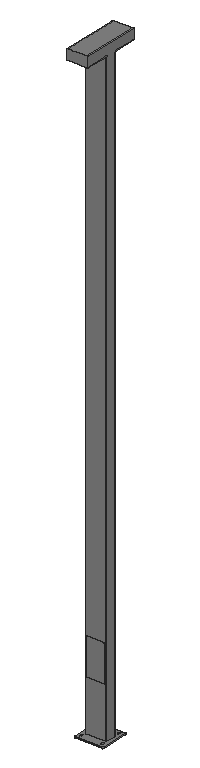
Revit family "Супремус В", category Осветительные приборы, Revit 2019 (continued)
Types (7, lengths in mm): name | Файл фотометрической сетки | built-in parameter 1150105 | Lumens | built-in parameter 1150106 | built-in parameter 1150142 | Wattage | L_общая рассеиватели | ADSK_Фактическая мощность | ADSK_Размер_Высота | ADSK_Номинальная мощность | ADSK_Наименование | ADSK_Масса_Текст | ADSK_Масса | ADSK_Артикул | 2
    2 160.9 159.6\r\n 158.4 156.9 155.3 153.8 152.3 150.8 149.5 148.4 147.2 146.2 145.2 144.2 143.1 142.3 141.4 140.4 139.4 138.2 136.9 135.7 134.5\r\n 133.3 132.3 131.3 130.2 129.1 127.8 126.6 125.4 124.3 123.1 122.1 121.3 120.5 119.4 118.6 117.4 116.3 115.5 114.8 113.8 112.6\r\n 111.3 110.4 109.6 108.6 107.7 106.9 106.0 105.5 104.9 104.6 104.3 104.1 104.1 104.0 103.9 103.6 103.2 102.8 102.5 102.1 101.8\r\n 101.6 100.7 99.9 99.2 98.5 97.9 97.3 96.6 96.0 95.2 94.2 93.2 92.3 91.4 90.5 89.5 88.4 87.4 86.4 84.6 82.3 79.4 76.2 72.5 68.8\r\n 63.9 58.9 53.9 49.1 44.6 41.1 38.1 35.7 33.9 32.4 30.9 29.7 28.7 27.8 26.9 26.0 25.2 24.5 23.5 22.0 20.6 19.1 17.6 16.3 14.8 13.4\r\n 11.8 10.0 8.4 7.0 6.0 5.3 4.6 3.9 3.4 3.0 2.8 2.8 2.7 2.4 2.4 2.3 2.1 1.9 1.6 1.4 1.3 1.2 1.2 1.2 0.0 0.0 0.0 0.0 0.0 0.0 0.0 0.0\r\n 0.0 0.0 0.0 0.0 0.0 0.0 0.0 0.0 0.0 0.0 0.0 0.0 0.0 0.0 0.0 0.0 0.0 0.0 0.0 0.0 0.0 0.0 0.0 0.0 0.0 0.0 0.0 0.0 0.0 0.0 0.0 0.0\r\n 0.0 0.0 0.0 0.0 0.0 0.0 0.0 0.0 0.0 0.0 0.0 0.0 0.0 0.0 0.0 0.0 0.0 0.0 0.0 0.0 0.0 0.0 0.0 0.0 0.0 0.0 0.0 0.0 0.0 0.0 0.0 0.0\r\n 0.0 0.0 0.0 0.0 0.0 0.0 0.0 0.0 0.0 0.0 0.0 0.0 0.0 0.0 0.0 0.0 0.0 0.0 0.0 0.0 0.0 0.0 0.0 0.0 0.0 0.0 0.0 0.0 0.0 0.0 0.0 0.0\r\n 0.0 0.0 0.0 0.0 0.0 0.0 0.0 0.0 0.0 0.0 0.0 0.0 0.0 0.0 0.0 0.0 0.0 0.0 0.0 0.0 0.0 0.0 0.0 0.0 0.0 0.0 0.0 0.0 0.0 0.0 0.0 0.0\r\n 0.0 0.0 0.0 0.0 0.0 0.0 0.0 0.0 0.0 0.0 0.0 0.0 0.0 0.0 0.0 0.0 0.0 0.0 0.0 0.0 0.0 0.0 0.0 0.0\r\n275.6 274.0 272.2 270.5 268.9 267.2 265.4 263.7 261.8 260.0 257.9 255.9 254.1 252.2 250.0 247.8 245.6 243.1 240.5 237.7 234.8\r\n 231.6 228.5 225.4 222.5 219.7 217.2 214.8 212.3 210.3 208.3 206.2 204.1 201.7 199.5 197.4 195.0 192.7 190.5 188.3 186.2 184.1\r\n 181.8 179.4 177.1 174.8 172.1 169.7 167.3 164.9 162.4 160.0 157.8 155.6 153.5 151.8 150.0 148.4 146.5 144.7 143.3 141.6 140.0\r\n 138.4 136.7 134.7 132.9 131.1 129.7 128.3 127.2 125.6 124.2 122.7 121.5 120.2 118.8 117.5 116.2 115.0 113.5 112.2 110.6 108.9\r\n 107.3 105.5 103.8 102.1 100.6 99.2 97.7 96.1 94.7 93.1 91.6 89.9 88.3 87.0 85.6 84.3 83.2 82.1 80.8 79.4 78.3 77.4 76.8 75.8 74.8\r\n 74.2 73.8 73.5 72.9 72.6 72.2 71.6 70.9 70.4 69.9 69.8 69.9 70.2 70.1 69.4 69.0 68.4 68.1 67.7 67.3 66.9 66.5 66.0 65.5 65.0 64.8\r\n 64.6 64.6 64.6 64.6 64.6 64.8 65.4 65.5 65.2 66.0 67.4 69.0 70.6 71.6 72.0 71.5 70.5 68.3 66.3 63.0 59.2 54.6 50.4 46.8 43.3 40.0\r\n 37.1 34.8 33.0 31.2 29.6 28.3 27.0 25.3 23.2 21.0 19.2 17.4 15.9 14.6 13.4 11.7 9.8 8.5 7.4 6.7 6.1 5.4 4.8 4.5 4.1 4.1 4.3 3.7\r\n 3.3 2.8 2.6 2.4 2.3 2.1 2.0 1.7 1.5 1.3 1.2 1.2 0.0 0.0 0.0 0.0 0.0 0.0 0.0 0.0 0.0 0.0 0.0 0.0 0.0 0.0 0.0 0.0 0.0 0.0 0.0 0.0\r\n 0.0 0.0 0.0 0.0 0.0 0.0 0.0 0.0 0.0 0.0 0.0 0.0 0.0 0.0 0.0 0.0 0.0 0.0 0.0 0.0 0.0 0.0 0.0 0.0 0.0 0.0 0.0 0.0 0.0 0.0 0.0 0.0\r\n 0.0 0.0 0.0 0.0 0.0 0.0 0.0 0.0 0.0 0.0 0.0 0.0 0.0 0.0 0.0 0.0 0.0 0.0 0.0 0.0 0.0 0.0 0.0 0.0 0.0 0.0 0.0 0.0 0.0 0.0 0.0 0.0\r\n 0.0 0.0 0.0 0.0 0.0 0.0 0.0 0.0 0.0 0.0 0.0 0.0 0.0 0.0 0.0 0.0 0.0 0.0 0.0 0.0 0.0 0.0 0.0 0.0 0.0 0.0 0.0 0.0 0.0 0.0 0.0 0.0\r\n 0.0 0.0 0.0 0.0 0.0 0.0 0.0 0.0 0.0 0.0 0.0 0.0 0.0 0.0 0.0 0.0 0.0 0.0 0.0 0.0 0.0 0.0 0.0 0.0 0.0 0.0 0.0 0.0 0.0 0.0 0.0 0.0\r\n 0.0 0.0 0.0 0.0 0.0 0.0 0.0 0.0 0.0 0.0 0.0 0.0\r\n275.6 273.8 271.9 270.1 268.3 266.4 264.5 262.7 260.5 258.5 256.5 254.5 252.3 250.1 247.8 245.3 242.5 239.6 236.4 233.1 229.7\r\n 226.3 223.1 220.1 217.3 215.0 212.7 210.3 207.8 205.3 202.8 200.0 197.4 194.5 192.0 189.6 187.4 184.8 182.1 179.8 177.1 174.4\r\n 171.5 168.6 165.4 162.4 159.2 156.1 153.1 150.4 147.7 145.4 143.3 141.2 139.4 137.4 135.6 133.9 132.4 131.1 129.6 128.1 126.6\r\n 124.8 122.9 120.9 119.1 117.2 115.3 113.2 111.1 109.1 106.9 104.7 102.3 99.8 97.6 95.3 93.2 91.0 88.9 86.8 84.8 82.8 80.9 79.0\r\n 77.2 75.4 73.6 71.8 69.9 68.3 66.3 64.4 62.5 60.8 59.2 57.8 56.4 55.2 54.2 53.3 52.4 51.5 50.9 50.4 50.0 49.5 49.0 48.8 48.5 47.7\r\n 47.1 46.8 46.8 46.7 46.7 46.8 46.8 46.3 45.7 45.2 44.5 43.9 43.4 42.9 42.4 42.0 41.7 41.4 41.1 41.1 41.1 41.4 41.6 41.8 42.2 43.1\r\n 44.5 45.8 46.8 48.9 51.1 53.6 55.4 56.8 57.8 57.5 56.5 55.1 53.9 52.9 52.0 51.1 49.9 48.5 47.3 46.3 44.9 42.9 40.6 38.1 35.7 33.2\r\n 30.2 27.6 25.5 23.6 21.9 20.4 18.9 17.6 16.4 15.1 13.8 12.0 10.6 9.8 8.8 7.5 6.6 5.9 5.4 4.9 4.6 4.7 4.5 4.1 3.9 3.3 2.8 2.6 2.5\r\n 2.5 2.5 2.3 2.2 1.7 1.6 1.4 1.3 0.0 0.0 0.0 0.0 0.0 0.0 0.0 0.0 0.0 0.0 0.0 0.0 0.0 0.0 0.0 0.0 0.0 0.0 0.0 0.0 0.0 0.0 0.0 0.0\r\n 0.0 0.0 0.0 0.0 0.0 0.0 0.0 0.0 0.0 0.0 0.0 0.0 0.0 0.0 0.0 0.0 0.0 0.0 0.0 0.0 0.0 0.0 0.0 0.0 0.0 0.0 0.0 0.0 0.0 0.0 0.0 0.0\r\n 0.0 0.0 0.0 0.0 0.0 0.0 0.0 0.0 0.0 0.0 0.0 0.0 0.0 0.0 0.0 0.0 0.0 0.0 0.0 0.0 0.0 0.0 0.0 0.0 0.0 0.0 0.0 0.0 0.0 0.0 0.0 0.0\r\n 0.0 0.0 0.0 0.0 0.0 0.0 0.0 0.0 0.0 0.0 0.0 0.0 0.0 0.0 0.0 0.0 0.0 0.0 0.0 0.0 0.0 0.0 0.0 0.0 0.0 0.0 0.0 0.0 0.0 0.0 0.0 0.0\r\n 0.0 0.0 0.0 0.0 0.0 0.0 0.0 0.0 0.0 0.0 0.0 0.0 0.0 0.0 0.0 0.0 0.0 0.0 0.0 0.0 0.0 0.0 0.0 0.0 0.0 0.0 0.0 0.0 0.0 0.0 0.0 0.0\r\n 0.0 0.0 0.0 0.0 0.0 0.0 0.0 0.0\r\n275.6 273.8 271.8 269.8 267.8 265.9 263.8 261.8 259.7 257.5 255.3 253.1 250.9 248.4 245.9 243.0 239.8 236.4 232.8 229.1 225.7\r\n 222.4 219.4 216.6 214.2 211.9 209.2 206.4 203.4 200.3 197.3 194.4 191.5 188.7 185.9 182.9 180.1 177.2 174.4 171.1 167.9 164.7\r\n 161.4 157.7 154.3 150.9 147.8 144.8 142.0 139.4 136.8 134.5 132.3 130.4 128.9 127.5 126.3 124.6 122.9 121.3 119.5 117.5 115.3\r\n 113.0 110.9 108.7 106.7 104.4 102.1 99.6 97.1 94.6 92.1 89.6 87.2 84.8 82.4 80.1 77.8 75.5 73.3 71.0 68.9 66.9 65.0 63.1 61.3\r\n 59.4 57.6 55.7 53.9 52.0 50.2 48.5 46.8 45.2 43.8 42.6 41.5 40.5 39.8 39.3 38.7 38.2 37.8 37.4 36.9 36.5 36.1 35.8 35.5 35.2 34.8\r\n 34.5 34.6 34.6 33.7 32.8 32.3 31.7 31.0 30.6 30.1 29.7 29.1 28.5 28.3 28.0 28.0 28.2 28.6 29.1 30.2 32.0 34.3 36.8 39.1 41.0 42.2\r\n 43.6 44.9 45.4 45.3 44.3 43.3 42.8 42.2 41.3 39.9 38.4 37.5 37.1 37.0 36.5 35.9 35.0 34.7 34.6 34.2 33.4 32.1 30.8 29.4 28.1 26.9\r\n 25.7 24.4 22.8 21.4 20.3 19.0 17.9 16.6 15.4 13.6 12.1 11.1 10.4 9.6 8.7 8.1 7.3 6.6 6.1 6.1 6.1 5.8 5.3 4.9 4.3 3.9 3.4 3.3 3.2\r\n 3.1 3.0 2.8 2.5 1.9 1.7 1.5 0.0 0.0 0.0 0.0 0.0 0.0 0.0 0.0 0.0 0.0 0.0 0.0 0.0 0.0 0.0 0.0 0.0 0.0 0.0 0.0 0.0 0.0 0.0 0.0 0.0\r\n 0.0 0.0 0.0 0.0 0.0 0.0 0.0 0.0 0.0 0.0 0.0 0.0 0.0 0.0 0.0 0.0 0.0 0.0 0.0 0.0 0.0 0.0 0.0 0.0 0.0 0.0 0.0 0.0 0.0 0.0 0.0 0.0\r\n 0.0 0.0 0.0 0.0 0.0 0.0 0.0 0.0 0.0 0.0 0.0 0.0 0.0 0.0 0.0 0.0 0.0 0.0 0.0 0.0 0.0 0.0 0.0 0.0 0.0 0.0 0.0 0.0 0.0 0.0 0.0 0.0\r\n 0.0 0.0 0.0 0.0 0.0 0.0 0.0 0.0 0.0 0.0 0.0 0.0 0.0 0.0 0.0 0.0 0.0 0.0 0.0 0.0 0.0 0.0 0.0 0.0 0.0 0.0 0.0 0.0 0.0 0.0 0.0 0.0\r\n 0.0 0.0 0.0 0.0 0.0 0.0 0.0 0.0 0.0 0.0 0.0 0.0 0.0 0.0 0.0 0.0 0.0 0.0 0.0 0.0 0.0 0.0 0.0 0.0 0.0 0.0 0.0 0.0 0.0 0.0 0.0 0.0\r\n 0.0 0.0 0.0 0.0 0.0 0.0 0.0\r\n275.6 273.7 271.5 269.3 267.2 265.1 262.9 260.7 258.5 256.4 254.1 251.7 249.3 246.7 243.6 240.3 236.7 232.7 228.9 225.4 222.1\r\n 219.0 216.4 213.9 211.2 208.3 205.2 201.9 198.5 195.2 192.1 189.0 185.9 182.8 179.5 176.2 172.6 169.2 165.6 161.8 157.9 154.1\r\n 150.4 147.0 143.9 140.9 138.0 135.3 132.8 130.5 128.6 126.9 125.4 123.7 121.9 120.2 118.2 116.3 114.3 112.0 109.5 107.0 104.2\r\n 101.3 98.7 95.9 93.3 90.8 88.3 86.0 83.7 81.6 79.5 77.4 75.3 73.3 71.2 69.1 67.2 65.3 63.4 61.6 59.8 58.0 56.2 54.3 52.4 50.6\r\n 48.7 46.9 45.3 43.7 42.1 40.7 39.6 38.7 37.8 37.2 36.7 36.3 36.0 35.8 35.6 35.3 35.0 34.7 34.3 34.1 33.9 33.4 33.0 33.0 33.1 33.0\r\n 32.2 31.1 30.0 29.1 28.3 27.7 27.2 26.7 26.4 26.3 26.4 26.5 26.8 27.7 29.1 31.0 32.8 35.1 37.8 41.2 43.8 44.9 43.8 43.4 42.9 42.6\r\n 42.3 41.8 40.4 39.2 38.8 37.8 37.2 36.2 35.5 34.6 33.5 33.1 32.9 32.3 31.7 31.3 30.9 30.8 30.6 30.5 29.5 28.4 27.2 26.4 25.6 25.0\r\n 24.3 23.1 22.1 20.9 19.8 18.8 17.8 15.9 14.4 13.3 12.5 11.6 10.7 9.7 8.9 8.1 7.5 7.4 7.7 7.4 7.0 6.2 5.9 5.3 4.9 4.4 4.1 3.9 3.7\r\n 3.6 3.5 3.4 3.0 2.0 1.9 0.0 0.0 0.0 0.0 0.0 0.0 0.0 0.0 0.0 0.0 0.0 0.0 0.0 0.0 0.0 0.0 0.0 0.0 0.0 0.0 0.0 0.0 0.0 0.0 0.0 0.0\r\n 0.0 0.0 0.0 0.0 0.0 0.0 0.0 0.0 0.0 0.0 0.0 0.0 0.0 0.0 0.0 0.0 0.0 0.0 0.0 0.0 0.0 0.0 0.0 0.0 0.0 0.0 0.0 0.0 0.0 0.0 0.0 0.0\r\n 0.0 0.0 0.0 0.0 0.0 0.0 0.0 0.0 0.0 0.0 0.0 0.0 0.0 0.0 0.0 0.0 0.0 0.0 0.0 0.0 0.0 0.0 0.0 0.0 0.0 0.0 0.0 0.0 0.0 0.0 0.0 0.0\r\n 0.0 0.0 0.0 0.0 0.0 0.0 0.0 0.0 0.0 0.0 0.0 0.0 0.0 0.0 0.0 0.0 0.0 0.0 0.0 0.0 0.0 0.0 0.0 0.0 0.0 0.0 0.0 0.0 0.0 0.0 0.0 0.0\r\n 0.0 0.0 0.0 0.0 0.0 0.0 0.0 0.0 0.0 0.0 0.0 0.0 0.0 0.0 0.0 0.0 0.0 0.0 0.0 0.0 0.0 0.0 0.0 0.0 0.0 0.0 0.0 0.0 0.0 0.0 0.0 0.0\r\n 0.0 0.0 0.0 0.0 0.0 0.0\r\n275.6 273.5 271.2 269.1 266.8 264.5 262.4 260.1 257.8 255.4 253.0 250.6 248.0 245.0 241.9 238.1 234.1 230.1 226.3 222.9 219.9\r\n 217.1 214.4 211.4 208.4 205.1 201.6 198.2 194.6 191.2 187.9 184.5 181.2 177.8 173.8 170.1 166.2 162.1 157.8 153.6 149.6 146.0\r\n 142.5 139.3 136.4 133.4 130.8 128.6 126.8 124.9 123.0 121.3 119.4 117.4 115.6 113.7 111.6 109.3 106.7 103.7 100.5 97.2 94.0 90.8\r\n 88.0 85.5 83.1 80.7 78.5 76.5 74.7 72.8 71.0 69.1 67.1 65.2 63.2 61.5 59.7 57.9 56.0 54.2 52.5 51.0 49.3 47.7 46.2 44.8 43.4 42.2\r\n 41.0 39.8 38.7 38.0 37.3 36.8 36.3 36.0 35.8 35.9 35.9 35.6 35.5 35.3 35.0 34.7 34.6 34.0 33.6 33.7 33.8 33.7 32.9 31.7 30.7 30.0\r\n 29.5 28.8 28.4 28.0 28.0 28.0 28.2 28.8 29.7 31.0 32.7 34.7 37.4 40.0 42.5 45.1 46.5 45.5 44.3 43.2 43.1 43.3 43.8 44.2 44.0 43.2\r\n 42.7 42.6 42.1 41.4 40.8 39.8 39.1 38.4 38.0 37.8 37.5 36.9 36.1 35.2 34.7 34.4 34.3 34.4 33.8 32.6 31.3 29.6 28.5 27.9 26.7 25.7\r\n 24.2 23.0 21.9 20.9 18.8 16.3 15.0 14.2 13.2 12.3 11.5 10.6 9.9 9.2 8.6 8.7 8.8 8.2 7.7 6.9 6.6 6.0 5.8 5.3 4.8 4.6 4.2 4.1 4.1\r\n 3.9 3.9 3.2 2.3 0.0 0.0 0.0 0.0 0.0 0.0 0.0 0.0 0.0 0.0 0.0 0.0 0.0 0.0 0.0 0.0 0.0 0.0 0.0 0.0 0.0 0.0 0.0 0.0 0.0 0.0 0.0 0.0\r\n 0.0 0.0 0.0 0.0 0.0 0.0 0.0 0.0 0.0 0.0 0.0 0.0 0.0 0.0 0.0 0.0 0.0 0.0 0.0 0.0 0.0 0.0 0.0 0.0 0.0 0.0 0.0 0.0 0.0 0.0 0.0 0.0\r\n 0.0 0.0 0.0 0.0 0.0 0.0 0.0 0.0 0.0 0.0 0.0 0.0 0.0 0.0 0.0 0.0 0.0 0.0 0.0 0.0 0.0 0.0 0.0 0.0 0.0 0.0 0.0 0.0 0.0 0.0 0.0 0.0\r\n 0.0 0.0 0.0 0.0 0.0 0.0 0.0 0.0 0.0 0.0 0.0 0.0 0.0 0.0 0.0 0.0 0.0 0.0 0.0 0.0 0.0 0.0 0.0 0.0 0.0 0.0 0.0 0.0 0.0 0.0 0.0 0.0\r\n 0.0 0.0 0.0 0.0 0.0 0.0 0.0 0.0 0.0 0.0 0.0 0.0 0.0 0.0 0.0 0.0 0.0 0.0 0.0 0.0 0.0 0.0 0.0 0.0 0.0 0.0 0.0 0.0 0.0 0.0 0.0 0.0\r\n 0.0 0.0 0.0 0.0\r\n275.6 273.4 271.1 268.8 266.6 264.1 261.9 259.6 257.1 254.7 252.1 249.6 246.8 243.5 239.9 235.9 231.6 227.6 223.9 220.8 217.9\r\n 215.3 212.2 208.9 205.5 201.8 198.2 194.8 191.1 187.4 183.7 180.1 176.2 172.3 168.2 163.8 159.1 154.5 150.3 146.3 142.7 139.3\r\n 136.2 133.1 130.4 128.1 125.8 123.8 121.9 119.7 117.7 115.7 113.7 111.8 109.5 107.0 104.4 101.2 98.0 94.8 91.7 88.6 85.6 82.9\r\n 80.5 78.3 76.1 74.1 72.2 70.4 68.5 66.6 64.6 62.7 60.7 59.0 57.3 55.6 53.8 52.2 50.5 49.0 47.5 46.1 44.7 43.4 42.2 41.0 39.9 38.8\r\n 37.9 37.0 36.6 36.2 35.8 35.6 35.5 35.6 35.7 35.7 35.7 35.9 35.8 35.6 35.5 35.2 35.0 35.0 34.9 34.6 34.0 33.0 32.0 31.2 30.6 30.0\r\n 29.5 29.3 29.1 29.3 29.7 30.5 31.8 33.3 34.7 36.8 39.2 41.8 44.0 45.9 47.4 48.4 47.9 47.1 47.0 47.4 48.0 48.5 48.6 48.5 48.4 48.0\r\n 48.1 47.9 47.2 46.3 45.2 43.9 42.7 41.8 41.1 40.4 39.6 38.8 38.3 37.8 37.4 36.9 36.5 36.2 35.2 33.7 32.5 31.3 30.2 29.0 28.4 26.9\r\n 25.6 24.5 23.6 21.7 19.2 17.4 16.2 15.1 14.1 13.1 12.1 11.1 10.1 9.6 9.7 9.4 9.2 8.5 7.9 7.4 7.1 6.5 6.3 6.3 5.8 5.4 5.1 4.8 4.7\r\n 4.5 4.4 4.3 3.0 0.0 0.0 0.0 0.0 0.0 0.0 0.0 0.0 0.0 0.0 0.0 0.0 0.0 0.0 0.0 0.0 0.0 0.0 0.0 0.0 0.0 0.0 0.0 0.0 0.0 0.0 0.0 0.0\r\n 0.0 0.0 0.0 0.0 0.0 0.0 0.0 0.0 0.0 0.0 0.0 0.0 0.0 0.0 0.0 0.0 0.0 0.0 0.0 0.0 0.0 0.0 0.0 0.0 0.0 0.0 0.0 0.0 0.0 0.0 0.0 0.0\r\n 0.0 0.0 0.0 0.0 0.0 0.0 0.0 0.0 0.0 0.0 0.0 0.0 0.0 0.0 0.0 0.0 0.0 0.0 0.0 0.0 0.0 0.0 0.0 0.0 0.0 0.0 0.0 0.0 0.0 0.0 0.0 0.0\r\n 0.0 0.0 0.0 0.0 0.0 0.0 0.0 0.0 0.0 0.0 0.0 0.0 0.0 0.0 0.0 0.0 0.0 0.0 0.0 0.0 0.0 0.0 0.0 0.0 0.0 0.0 0.0 0.0 0.0 0.0 0.0 0.0\r\n 0.0 0.0 0.0 0.0 0.0 0.0 0.0 0.0 0.0 0.0 0.0 0.0 0.0 0.0 0.0 0.0 0.0 0.0 0.0 0.0 0.0 0.0 0.0 0.0 0.0 0.0 0.0 0.0 0.0 0.0 0.0 0.0\r\n 0.0 0.0 0.0 0.0\r\n275.6 273.4 270.9 268.6 266.3 263.8 261.4 259.0 256.7 254.0 251.6 248.9 245.7 242.4 238.5 234.3 230.1 226.0 222.6 219.5 216.9\r\n 213.8 210.6 207.1 203.3 199.5 195.9 192.3 188.5 184.6 180.8 176.7 172.6 168.3 163.5 158.7 153.9 149.6 145.3 141.7 138.2 134.8\r\n 131.9 129.3 127.2 124.8 122.4 120.0 117.7 115.5 113.4 111.1 108.9 106.6 103.8 100.9 97.8 94.7 91.5 88.5 85.5 82.5 79.7 77.4 75.2\r\n 73.3 71.4 69.5 67.6 65.7 63.9 62.0 60.2 58.5 56.8 55.2 53.6 52.0 50.5 49.1 47.6 46.3 45.0 43.7 42.4 41.4 40.2 39.1 38.1 37.2 36.6\r\n 36.2 36.0 35.9 35.9 35.9 35.9 35.8 35.8 36.1 36.3 36.2 36.0 35.9 35.8 35.9 35.5 35.3 35.1 34.5 33.6 32.7 32.0 31.3 30.8 30.4 30.2\r\n 30.3 30.7 31.3 32.0 32.8 33.4 34.6 36.4 38.5 41.2 44.2 47.3 49.9 52.2 53.0 52.6 52.5 53.0 53.8 54.6 54.8 54.7 54.2 53.8 53.2 52.6\r\n 51.4 50.2 48.7 46.9 45.6 44.9 44.2 43.7 43.1 42.8 42.3 41.8 41.4 40.5 39.3 38.5 37.8 36.9 35.5 34.2 32.9 31.8 30.9 29.8 28.1 26.7\r\n 25.4 23.7 21.0 18.2 16.7 15.7 14.5 13.5 12.6 11.7 11.0 10.2 10.1 10.1 10.1 9.8 9.1 8.2 7.5 7.5 6.9 7.2 7.3 6.6 6.1 5.7 5.4 5.2\r\n 5.0 4.9 4.8 4.3 0.0 0.0 0.0 0.0 0.0 0.0 0.0 0.0 0.0 0.0 0.0 0.0 0.0 0.0 0.0 0.0 0.0 0.0 0.0 0.0 0.0 0.0 0.0 0.0 0.0 0.0 0.0 0.0\r\n 0.0 0.0 0.0 0.0 0.0 0.0 0.0 0.0 0.0 0.0 0.0 0.0 0.0 0.0 0.0 0.0 0.0 0.0 0.0 0.0 0.0 0.0 0.0 0.0 0.0 0.0 0.0 0.0 0.0 0.0 0.0 0.0\r\n 0.0 0.0 0.0 0.0 0.0 0.0 0.0 0.0 0.0 0.0 0.0 0.0 0.0 0.0 0.0 0.0 0.0 0.0 0.0 0.0 0.0 0.0 0.0 0.0 0.0 0.0 0.0 0.0 0.0 0.0 0.0 0.0\r\n 0.0 0.0 0.0 0.0 0.0 0.0 0.0 0.0 0.0 0.0 0.0 0.0 0.0 0.0 0.0 0.0 0.0 0.0 0.0 0.0 0.0 0.0 0.0 0.0 0.0 0.0 0.0 0.0 0.0 0.0 0.0 0.0\r\n 0.0 0.0 0.0 0.0 0.0 0.0 0.0 0.0 0.0 0.0 0.0 0.0 0.0 0.0 0.0 0.0 0.0 0.0 0.0 0.0 0.0 0.0 0.0 0.0 0.0 0.0 0.0 0.0 0.0 0.0 0.0 0.0\r\n 0.0 0.0 0.0 0.0\r\n275.6 273.1 271.0 268.4 266.0 263.6 261.0 258.8 256.1 253.4 250.9 248.0 244.7 241.1 237.0 232.6 228.4 224.7 221.3 218.4 215.6\r\n 212.4 208.9 205.2 201.2 197.6 193.6 189.9 186.1 182.1 177.6 173.4 168.5 163.8 158.8 154.1 149.5 145.2 141.4 137.8 134.4 131.4\r\n 128.6 126.2 123.8 121.5 119.1 116.9 114.5 112.2 109.6 107.1 104.4 101.6 98.9 95.9 93.0 89.8 86.8 83.8 80.9 78.2 75.7 73.4 71.4\r\n 69.4 67.3 65.3 63.3 61.5 59.8 58.1 56.5 55.0 53.4 51.9 50.5 49.0 47.7 46.4 45.2 44.0 42.8 41.8 40.8 39.8 38.9 38.0 37.3 36.8 36.4\r\n 36.3 36.2 36.4 36.4 36.2 36.1 36.4 36.8 37.0 36.8 36.8 36.7 36.5 36.3 36.0 36.0 35.9 35.3 34.5 33.7 33.0 32.2 31.6 31.5 31.3 31.5\r\n 31.7 32.1 32.5 32.9 33.7 34.8 36.7 39.1 41.9 46.0 49.7 53.2 56.2 58.0 58.5 59.2 60.2 61.0 61.4 61.0 60.2 59.3 58.6 58.1 56.5 55.1\r\n 53.9 52.4 50.7 49.5 48.7 47.6 46.8 46.3 45.7 45.1 44.3 43.4 42.5 41.5 40.7 40.0 39.2 37.8 36.3 34.6 33.3 31.9 30.5 28.9 27.6 26.6\r\n 25.0 22.4 19.1 16.9 15.7 14.7 13.8 12.9 12.2 11.4 10.6 10.1 9.9 9.7 9.9 9.4 8.6 8.0 7.3 7.2 6.7 7.3 7.5 6.7 6.5 5.9 5.3 5.0 4.9\r\n 4.9 5.0 5.0 0.0 0.0 0.0 0.0 0.0 0.0 0.0 0.0 0.0 0.0 0.0 0.0 0.0 0.0 0.0 0.0 0.0 0.0 0.0 0.0 0.0 0.0 0.0 0.0 0.0 0.0 0.0 0.0 0.0\r\n 0.0 0.0 0.0 0.0 0.0 0.0 0.0 0.0 0.0 0.0 0.0 0.0 0.0 0.0 0.0 0.0 0.0 0.0 0.0 0.0 0.0 0.0 0.0 0.0 0.0 0.0 0.0 0.0 0.0 0.0 0.0 0.0\r\n 0.0 0.0 0.0 0.0 0.0 0.0 0.0 0.0 0.0 0.0 0.0 0.0 0.0 0.0 0.0 0.0 0.0 0.0 0.0 0.0 0.0 0.0 0.0 0.0 0.0 0.0 0.0 0.0 0.0 0.0 0.0 0.0\r\n 0.0 0.0 0.0 0.0 0.0 0.0 0.0 0.0 0.0 0.0 0.0 0.0 0.0 0.0 0.0 0.0 0.0 0.0 0.0 0.0 0.0 0.0 0.0 0.0 0.0 0.0 0.0 0.0 0.0 0.0 0.0 0.0\r\n 0.0 0.0 0.0 0.0 0.0 0.0 0.0 0.0 0.0 0.0 0.0 0.0 0.0 0.0 0.0 0.0 0.0 0.0 0.0 0.0 0.0 0.0 0.0 0.0 0.0 0.0 0.0 0.0 0.0 0.0 0.0 0.0\r\n 0.0 0.0 0.0\r\n275.6 273.3 270.8 268.4 265.9 263.4 260.8 258.5 255.8 253.2 250.5 247.7 244.4 240.6 236.2 231.9 227.7 223.9 220.7 217.7 214.8\r\n 211.5 208.0 204.2 200.3 196.4 192.6 188.6 184.5 180.5 175.9 171.2 166.1 161.1 156.3 151.6 147.2 143.0 139.3 135.6 132.5 129.6\r\n 126.9 124.3 121.6 119.4 117.1 114.7 112.2 109.6 106.8 103.9 101.0 98.3 95.5 92.7 89.8 86.8 83.9 81.1 78.4 75.9 73.6 71.4 69.2\r\n 67.0 65.0 63.0 61.1 59.3 57.8 56.2 54.7 53.2 51.7 50.3 48.9 47.5 46.3 45.1 44.0 43.0 42.0 41.1 40.2 39.3 38.5 37.7 37.4 37.0 36.7\r\n 36.5 36.6 36.7 36.5 36.4 36.7 37.1 37.4 37.5 37.5 37.4 37.1 36.8 36.3 36.3 36.6 36.3 35.9 35.0 34.4 33.6 32.9 32.7 32.4 32.3 32.4\r\n 32.3 32.6 33.2 33.9 34.9 36.3 38.3 41.0 44.5 48.9 53.2 57.3 60.8 63.7 65.2 66.7 67.9 68.2 67.4 66.2 64.5 62.8 61.5 60.8 59.2 57.1\r\n 55.4 54.3 53.6 52.6 51.7 50.5 50.0 49.3 48.5 47.6 46.8 46.0 45.0 44.1 43.4 42.5
